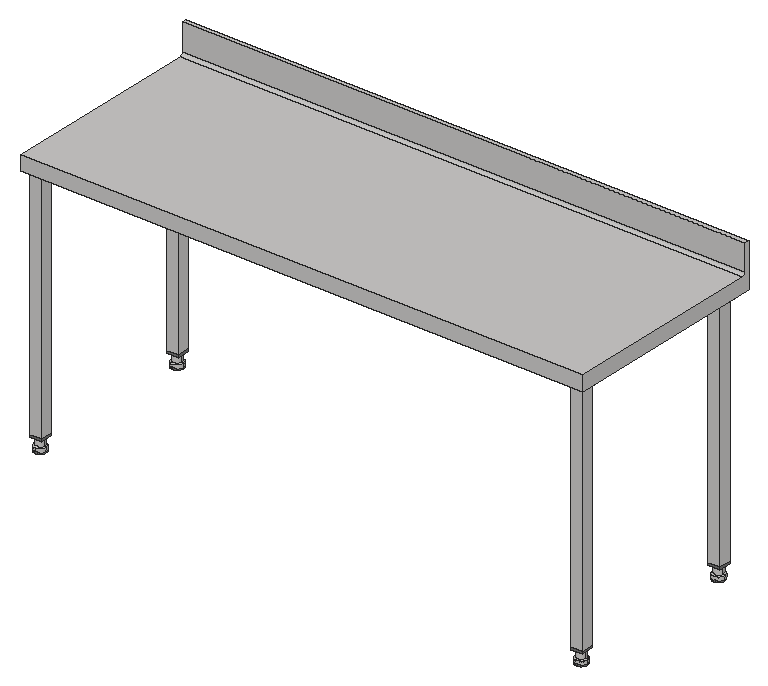
Revit family "QF_ZANUSSI_133236_TG1910N", category Attrezzature speciali, Revit 2020
Family settings
  Quota connettore circolare = Usa diametro
  Tipo di parte = Normale
  Basato su piano di lavoro = No
  Sempre verticale = Sì
  Taglio con vuoti quando caricato = No
  Condiviso = No
  Punto di calcolo locali = No
Parameters (values of type "Standard")
  Weight = 56.00 kg
  Watts = 0 W
  Volts = 0 V
  URL Manufacturer = "http://www.zanussiprofessional.com"
  URL = "http://www.zanussiprofessional.com"
  Steam Supply Size = 0 mm
  Steam Supply Minimum Pressure = 0.0 Pa
  Steam Supply Maximum Pressure = 0.0 Pa
  Steam Consumption per Hour = 0
  Refrigeration Suction Line Size = 0.0 mm
  Refrigeration Liquid Line Size = 0.0 mm
  Refrigerant Compressor Remote = yes
  Prospetto di default = 0.0 mm
  Produttore = "Zanussi"
  Phase = 0
  Modello = "TG1910N"
  Length Actual = 1900.0 mm  # constant formula
  Item Number = "133236"
  Hot Water Size = 0 mm
  Height Actual = 1000.0 mm  # constant formula
  HP = "0 HP"
  Gas Size = 0 mm
  Gas KW = 0
  Gas Input Pressure = 0 W
  Direct Waste Size = 0 mm
  Descrizione = "WORK TABLE WITH UPSTAND 1900 MM"
  Depth Actual = 700.0 mm  # constant formula
  Cycle = 0 Hz
  Condensate Return Size = 0 mm
  Compressed Air Volume = 0.0 L/s
  Compressed Air Size = 0 mm
  Compressed Air Pressure = 0.0 Pa
  Cold Water Size = 0 mm
  Accessory = yes
Reference planes
  plane 1 "Center (Front/Back)": y = 0
  plane 2: z = 0
  plane 3 "Center (Left/Right)": x = -450
  plane 4 "LEFT": x = -1400
  plane 5 "RIGHT": x = 500
  plane 6 "BACK": y = 350
  plane 7 "FRONT": y = -350
  plane 8 "Base": z = 850
  plane 9 "TOP": z = 900
  plane 10: x = -1364.5
  plane 11: x = 464.5
  plane 12: y = 269.5
  plane 13: y = -310.5
Forms (mm)
  Extrusion 1, solid, material "QF_Finishes_Stainless Steel"
    sketch origin (-450, 0, 0) x (0, 1, 0) y (0, 0, 1)
      loop
        line (-350, 850) -> (350, 850) -> (350, 1000) -> (337, 1000) -> (337, 910)
        arc (337, 910) -> (334.071, 902.929) -> (327, 900) r 10
        line (327, 900) -> (-350, 900) -> (-350, 850)
    from 950 to -950
Lines and regions (mm)
  symbolic lines
    curve 1: line (500, 350, 900) -> (-1400, 350, 900)
    curve 2: line (-1400, 350, 900) -> (-1400, -350, 900)
    curve 3: line (-1400, -350, 900) -> (500, -350, 900)
    curve 4: line (500, -350, 900) -> (500, 350, 900)
    curve 5: line (500, 337, 900) -> (-1400, 337, 900)
Dimensions and locks
  plane 4 "LEFT" to plane 5 "RIGHT" = 1900.0 mm
  equal spacing: plane 4 "LEFT", plane 3 "Center (Left/Right)", plane 5 "RIGHT"
  locked: plane 8 "Base" to level at 850
  plane 4 "LEFT" to plane 10 = 35.5 mm
  plane 11 to plane 5 "RIGHT" = 35.5 mm
  plane 10 to plane 11 = 1829.0 mm
  locked: Extrusion 1 to level at 1000
  plane 9 "TOP" to level = 900.0 mm
  plane 6 "BACK" to plane 12 = 80.5 mm
  plane 13 to plane 7 "FRONT" = 39.5 mm
  plane 6 "BACK" to plane 7 "FRONT" = 700.0 mm
  plane 12 to plane 13 = 580.0 mm
  equal spacing: plane 6 "BACK", plane 1 "Center (Front/Back)", plane 7 "FRONT"
  aligned and locked: level to plane 2
  aligned and locked: plane 10 to nested 1
  aligned and locked: nested 1 to plane 13
  aligned and locked: plane 11 to nested 2
  aligned and locked: nested 2 to plane 13
  aligned and locked: plane 11 to nested 4
  aligned and locked: nested 4 to plane 12
  aligned and locked: plane 10 to nested 3
  aligned and locked: nested 3 to plane 12
  aligned and locked: Extrusion 1 to plane 4 "LEFT"
  aligned and locked: plane 5 "RIGHT" to Extrusion 1
  aligned and locked: curve 2 to plane 4 "LEFT"
Automatic sketch dimensions
  Extrusion 1 sketch curve to plane 7 "FRONT" = 0.0 mm
  Extrusion 1 sketch curve to plane 9 "TOP" = 0.0 mm
  Extrusion 1 sketch curve to plane 6 "BACK" = 0.0 mm
  Extrusion 1 sketch curve to plane 8 "Base" = 0.0 mm
  plane 9 "TOP" to Extrusion 1 sketch curve = 10.0 mm
  Extrusion 1 sketch curve to plane 6 "BACK" = 13.0 mm
  Extrusion 1 sketch curve to Extrusion 1 sketch curve = 90.0 mm
  curve 3 to plane 7 "FRONT" = 0.0 mm
  curve 5 to plane 5 "RIGHT" = 0.0 mm
  curve 4 to plane 6 "BACK" = 0.0 mm
  curve 5 to plane 6 "BACK" = 13.0 mm
Nested families
  nested 1: "FEET_40x40_APP42" at (-1364.5, -310.5, 0), type "FEET_40x40_APP42"
  nested 2: "FEET_40x40_APP42" at (464.5, -310.5, 0), type "FEET_40x40_APP42"
  nested 3: "FEET_40x40_APP42" at (-1364.5, 269.5, 0), type "FEET_40x40_APP42"
  nested 4: "FEET_40x40_APP42" at (464.5, 269.5, 0), type "FEET_40x40_APP42"
Definition of nested family "FEET_40x40_APP42"
  Parameters
    Default Elevation = 0.0 mm
    FEET = 850.0 mm
  Reference planes
    plane 1 "Center (Front/Back)": y = 0
    plane 2: z = 0
    plane 3 "Center (Left/Right)": x = 0
    plane 4: z = 850
  Forms (mm)
    Extrusion 1, solid
      sketch origin (0, 0, 0) x (1, 0, 0) y (0, 1, 0)
        loop
          line (-20, -20) -> (20, -20) -> (20, 20) -> (-20, 20) -> (-20, -20)
      from 50 to 845
    Extrusion 2, solid
      sketch origin (0, 0, 0) x (1, 0, 0) y (0, 1, 0)
        loop
          circle (0, 0) r 20
      from 0 to 5
    Extrusion 3, solid
      sketch origin (0, 0, 0) x (1, 0, 0) y (0, 1, 0)
        loop
          line (30, 30) -> (-30, 30) -> (-30, -30) -> (30, -30) -> (30, 30)
      from 845 to 850
    Extrusion 4, solid
      sketch origin (0, 0, 0) x (1, 0, 0) y (0, 1, 0)
        loop
          line (-20, -20) -> (20, -20) -> (20, 20) -> (-20, 20) -> (-20, -20)
      from 50 to 42
    Revolve 5, solid
      sketch origin (0, 0, 0) x (1, 0, 0) y (0, 0, 1)
        loop
          line (0, 42) -> (-15, 42) -> (-15, 20) -> (-20, 15) -> (-20, 5) -> (0, 5) -> (0, 42)
        axis (0, 42) -> (0, 5)
      angle from 0 to 360
  Lines and regions (mm)
    symbolic lines
      curve 1: line (0, -1.503, 0) -> (0, 1.508, 0)
      curve 2: line (1.561, 0, 0) -> (-1.439, 0, 0)
  Dimensions and locks
    "FEET": plane 4 to plane 2
    aligned and locked: level to plane 2
  Automatic sketch dimensions
    plane 1 "Center (Front/Back)" to curve 2 = 0.0 mm
    curve 1 to plane 3 "Center (Left/Right)" = 0.0 mm
    curve 2 to plane 3 "Center (Left/Right)" = 1.439 mm
    plane 3 "Center (Left/Right)" to curve 2 = 1.561 mm
    plane 1 "Center (Front/Back)" to curve 1 = 1.503 mm
    curve 1 to plane 1 "Center (Front/Back)" = 1.508 mm
    Extrusion 1 sketch curve to plane 3 "Center (Left/Right)" = 20.0 mm
    plane 3 "Center (Left/Right)" to Extrusion 1 sketch curve = 20.0 mm
    plane 1 "Center (Front/Back)" to Extrusion 1 sketch curve = 20.0 mm
    Extrusion 1 sketch curve to plane 1 "Center (Front/Back)" = 20.0 mm
    plane 1 "Center (Front/Back)" to Extrusion 2 sketch curve = 0.0 mm
    Extrusion 2 sketch curve to plane 3 "Center (Left/Right)" = 0.0 mm
    Extrusion 3 sketch curve to plane 3 "Center (Left/Right)" = 30.0 mm
    plane 3 "Center (Left/Right)" to Extrusion 3 sketch curve = 30.0 mm
    plane 1 "Center (Front/Back)" to Extrusion 3 sketch curve = 30.0 mm
    Extrusion 3 sketch curve to plane 1 "Center (Front/Back)" = 30.0 mm
    Extrusion 4 sketch curve to plane 3 "Center (Left/Right)" = 20.0 mm
    plane 3 "Center (Left/Right)" to Extrusion 4 sketch curve = 20.0 mm
    plane 1 "Center (Front/Back)" to Extrusion 4 sketch curve = 20.0 mm
    Extrusion 4 sketch curve to plane 1 "Center (Front/Back)" = 20.0 mm
    Revolve 5 sketch curve to plane 3 "Center (Left/Right)" = 0.0 mm  (x2)
    Revolve 5 sketch curve to plane 3 "Center (Left/Right)" = 15.0 mm
    Revolve 5 sketch curve to Revolve 5 sketch curve = 5.0 mm  (x3)
    level to Revolve 5 sketch curve = 5.0 mm
    Revolve 5 sketch curve to Revolve 5 sketch curve = 10.0 mm
    Revolve 5 sketch curve to Revolve 5 sketch curve = 22.0 mm
    Revolve 5 sketch curve to level = 9.561 mm
    radius of Extrusion 2 sketch curve = 20.0 mm
